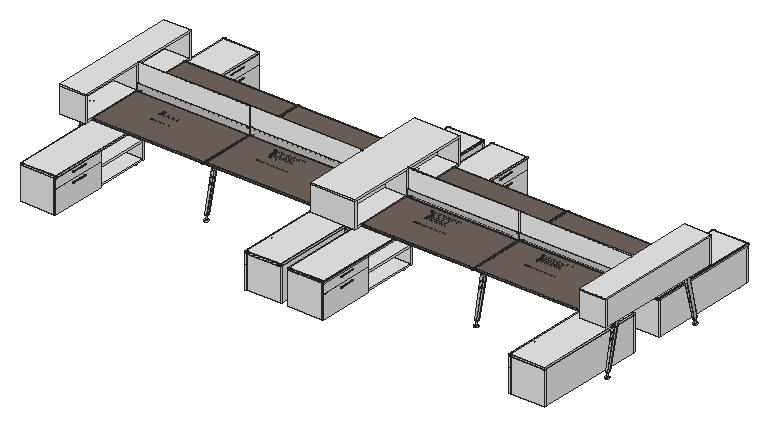
Revit family "T200005", category Furniture, Revit 2015
Parameters (values of type "T200005")
  URL = "https://ofs.com/"
  Manufacturer = "OFS"
  Description = "OFS TYPICAL T200005"
  Copyright © = "©OFS 2021"
  Catalog = "https://ofs.com/2020-experience"
  Authoring Version = "Autodesk Revit Architecture 2015"
  Assembly Code = "E2020400"
Reference planes (in)
  plane 1 "Center Front/Back": y = 0
  plane 2: z = 0
  plane 3 "Center Left/Right": x = 0
Dimensions and locks (in)
  aligned and locked: level to plane 2
Nested families (in)
  nested 1: "OFS ELEMENT OPEN L DESK LEFT AND RIGHT 84in Width 60in Return" at (102, 18.84375, 84), type "ELEMENT OPEN L DESK LEFT RETURN 84in Width 60in Return"
    with Right Desk Ovelay no, Left Desk Overlay no, Desk Overlay Option yes
  nested 2: "OFS_ELEVEN-WORKSPACE_WORKSURFACE_RECTANGULAR" at (-15.67998, 28.83365, 0), type "ELEVEN-WRKSPC_ENW-6030MCT_WORKSURFACE_RECTANGULAR"
  nested 3: "OFS_ELEVEN-WORKSPACE_WORKSURFACE_RECTANGULAR" at (44.32002, 28.83365, 0), type "ELEVEN-WRKSPC_ENW-6030MCT_WORKSURFACE_RECTANGULAR"
  nested 4: "OFS_ELEVEN-WORKSPACE_WORKSURFACE_RECTANGULAR" at (-99.67998, 28.83365, 0), type "ELEVEN-WRKSPC_ENW-6030MCT_WORKSURFACE_RECTANGULAR"
  nested 5: "OFS_ELEVEN-WORKSPACE_WORKSURFACE_RECTANGULAR" at (-99.67998, -3.15154, 0), type "ELEVEN-WRKSPC_ENW-6030MCT_WORKSURFACE_RECTANGULAR"
  nested 6: "OFS_ELEVEN-WORKSPACE_WORKSURFACE_RECTANGULAR" at (-15.67998, -3.15154, 0), type "ELEVEN-WRKSPC_ENW-6030MCT_WORKSURFACE_RECTANGULAR"
  nested 7: "OFS_ELEVEN-WORKSPACE_WORKSURFACE_RECTANGULAR" at (44.32173, -3.15154, 0), type "ELEVEN-WRKSPC_ENW-6030MCT_WORKSURFACE_RECTANGULAR"
  nested 8: "OFS_ELEVEN-WORKSPACE_TOOLRAIL_KITS" at (-55.5, 2.62465, 0), type "ELEVEN-WRKSPC_ENW-A120TKC2_TOOLRAIL_KIT_2-PIECE"
  nested 9: "OFS_ELEVEN-WORKSPACE_PRIVACY_PANELS_FROSTED_ACRYLIC_PVPA" at (-41.8125, -1.62535, 0), type "ELEVEN_WRKSPC_PRIVACY_PANEL_FROSTED-ACR_60 X 13"
  nested 10: "OFS_ELEVEN-WORKSPACE_PRIVACY_PANELS_FROSTED_ACRYLIC_PVPA" at (41.8125, -1.62535, 0), type "ELEVEN_WRKSPC_PRIVACY_PANEL_FROSTED-ACR_60 X 13"
  nested 11: "OFS_ELEVEN-WORKSPACE_PRIVACY_PANELS_FROSTED_ACRYLIC_PVPA" at (102.1875, -1.62535, 0), type "ELEVEN_WRKSPC_PRIVACY_PANEL_FROSTED-ACR_60 X 13"
  nested 12: "STAKS BENCHING WIRE BASKET KIT Single Basket" at (-15.09274, -20.00035, 0), type "STAKS BENCHING WIRE BASKET KIT Single Basquet for 60in Tops"
  nested 13: "STAKS BENCHING WIRE BASKET KIT Single Basket" at (68.90726, -20.00035, 0), type "STAKS BENCHING WIRE BASKET KIT Single Basquet for 60in Tops"
  nested 14: "STAKS BENCHING WIRE BASKET KIT Single Basket" at (127.90726, -20.00035, 0), type "STAKS BENCHING WIRE BASKET KIT Single Basquet for 60in Tops"
  nested 15: "OFS_ELEVEN-WORKSPACE_WORKSURFACE_RECTANGULAR" at (-44.32002, 28.83365, 0) x (-1, 0, 0) z (0, 0, 1), type "ELEVEN-WRKSPC_ENW-6030MCT_WORKSURFACE_RECTANGULAR"
  nested 16: "OFS_ELEVEN-WORKSPACE_WORKSURFACE_RECTANGULAR" at (-44.32002, -3.15154, 0) x (-1, 0, 0) z (0, 0, 1), type "ELEVEN-WRKSPC_ENW-6030MCT_WORKSURFACE_RECTANGULAR"
  nested 17: "OFS_ELEVEN-WORKSPACE_PRIVACY_PANELS_FROSTED_ACRYLIC_PVPA" at (-102.1875, -1.62535, 0) x (-1, 0, 0) z (0, 0, 1), type "ELEVEN_WRKSPC_PRIVACY_PANEL_FROSTED-ACR_60 X 13"
  nested 18: "STAKS BENCHING WIRE BASKET KIT Single Basket" at (-126.90726, -20.00035, 0) x (-1, 0, 0) z (0, 0, 1), type "STAKS BENCHING WIRE BASKET KIT Single Basquet for 60in Tops"
  nested 19: "OFS_ELEVEN-WORKSPACE_BASES_BENCHING_8-PERSON" at (0, 0, 0), type "ELEVEN-WRKSPC_ENW-28870DFEB8_BASE_BENCHING_8-PERSON_END-CNTR-END"
  nested 20: "OFS_ELEVEN-WORKSPACE_FLOOR_STORAGE_B-F_LEFT_OPEN_FSL" at (-129.37465, -38, 0) x (0, 1, 0) z (0, 0, 1), type "ELEVEN-WRKSPC_ENW-6019FSL_FLOOR_STORAGE_B-F_LEFT_OPEN"
  nested 21: "OFS_ELEVEN-WORKSPACE_FLOOR_STORAGE_B-F_LEFT_OPEN_FSL" at (-12.62535, 37.5, 0) x (0, -1, 0) z (0, 0, 1), type "ELEVEN-WRKSPC_ENW-6019FSL_FLOOR_STORAGE_B-F_LEFT_OPEN"
  nested 22: "OFS_ELEVEN-WORKSPACE_FLOOR_STORAGE_B-F_LEFT_OPEN_FSL" at (13.62535, -38, 0) x (0, 1, 0) z (0, 0, 1), type "ELEVEN-WRKSPC_ENW-6019FSL_FLOOR_STORAGE_B-F_LEFT_OPEN"
  nested 23: "OFS_ELEVEN-WORKSPACE_FLOOR_STORAGE_B-F_RIGHT_OPEN_FSR" at (-129.37465, 37.55368, 0) x (0, 1, 0) z (0, 0, 1), type "ELEVEN-WRKSPC_ENW-6019FSR_FLOOR_STORAGE_B-F_RIGHT_OPEN"
  nested 24: "OFS_ELEVEN-WORKSPACE_FLOOR_STORAGE_B-F_RIGHT_OPEN_FSR" at (-12.62535, -38, 0) x (0, -1, 0) z (0, 0, 1), type "ELEVEN-WRKSPC_ENW-6019FSR_FLOOR_STORAGE_B-F_RIGHT_OPEN"
  nested 25: "OFS_ELEVEN-WORKSPACE_FLOOR_STORAGE_B-F_RIGHT_OPEN_FSR" at (128.37465, -38, 0) x (0, -1, 0) z (0, 0, 1), type "ELEVEN-WRKSPC_ENW-6019FSR_FLOOR_STORAGE_B-F_RIGHT_OPEN"
  nested 26: "OFS_ELEVEN-WORKSPACE_STORAGE_BOX_END_TEAMING" at (146.83365, 57.505, 0) x (0, -1, 0) z (0, 0, 1), type "ELEVEN-WRKSPC_ENW-8414PSB_STORAGE_BOX_END_TEAMING"
    with SURFACE WIDTH 70"
  nested 27: "OFS_ELEVEN-WORKSPACE_STORAGE_BOX_END_TEAMING" at (-146.83365, -57.67998, 0) x (0, 1, 0) z (0, 0, 1), type "ELEVEN-WRKSPC_ENW-8414PSB_STORAGE_BOX_END_TEAMING"
    with SURFACE WIDTH 70"
  nested 28: "OFS_ELEVEN-WORKSPACE_STORAGE_BOX_CENTER_BENCHING" at (-6.83365, -57.67998, 0) x (0, 1, 0) z (0, 0, 1), type "ELEVEN-WRKSPC_ENW-7024PSB_STORAGE_BOX_CENTER_BNCHNG"
  nested 29: "OFS_ELEVEN-WORKSPACE_FLOOR_STORAGE_B-F_LEFT_OPEN_FSL" at (13.62535, 38.0296, 0) x (0, -1, 0) z (0, 0, 1), type "ELEVEN-WRKSPC_ENW-6019FSL_FLOOR_STORAGE_B-F_LEFT_OPEN"
  nested 30: "OFS_ELEVEN-WORKSPACE_FLOOR_STORAGE_B-F_RIGHT_OPEN_FSR" at (128.37465, 38, 0) x (0, 1, 0) z (0, 0, 1), type "ELEVEN-WRKSPC_ENW-6019FSR_FLOOR_STORAGE_B-F_RIGHT_OPEN"
  nested 31: "OFS_ELEVEN-WORKSPACE_TOOLRAIL_KITS" at (55.5, 2.62465, 0) x (-1, 0, 0) z (0, 0, 1), type "ELEVEN-WRKSPC_ENW-A120TKC2_TOOLRAIL_KIT_2-PIECE"
Definition of nested family "OFS_ELEVEN-WORKSPACE_WORKSURFACE_RECTANGULAR"
  Parameters (values of type "ELEVEN-WRKSPC_ENW-4824MCT_WORKSURFACE_RECTANGULAR")
    URL = "http://www.firstoffice.com/products/crossover/staks_benching/"
    SURFACE DEPTH = 24"
    Model = ""
    Manufacturer = "OFS-ELEVEN WORKSPACE"
    MODEL NUMBER = "ENW-4824MCT"
    MANUFACTURERS' CODE = "OFS"
    ENVIRONMENTAL = "http://www.firstoffice.com/company/environment/"
    EDGE FINISH = none
    Description = "ELEVEN WORKSPACE RECTANGULAR WORKSURFACE 48X24"
    SURFACE WIDTH = 48"
    CATALOG CODE = "OFB"
    Assembly Code = ""
    SURFACE FIINISH = none
  Types (6): name | SURFACE DEPTH | MODEL NUMBER | Description | SURFACE WIDTH
    ELEVEN-WRKSPC_ENW-4824MCT_WORKSURFACE_RECTANGULAR | 24" | "ENW-4824MCT" | "ELEVEN WORKSPACE RECTANGULAR WORKSURFACE 48X24" | 48"
    ELEVEN-WRKSPC_ENW-6024MCT_WORKSURFACE_RECTANGULAR | 24" | "ENW-6024MCT" | "ELEVEN WORKSPACE RECTANGULAR WORKSURFACE 60X24" | 60"
    ELEVEN-WRKSPC_ENW-7224MCT_WORKSURFACE_RECTANGULAR | 24" | "ENW-7224MCT" | "ELEVEN WORKSPACE RECTANGULAR WORKSURFACE 72X24" | 72"
    ELEVEN-WRKSPC_ENW-4830MCT_WORKSURFACE_RECTANGULAR | 30" | "ENW-4830MCT" | "ELEVEN WORKSPACE RECTANGULAR WORKSURFACE 48X30" | 48"
    ELEVEN-WRKSPC_ENW-6030MCT_WORKSURFACE_RECTANGULAR | 30" | "ENW-6030MCT" | "ELEVEN WORKSPACE RECTANGULAR WORKSURFACE 60X30" | 60"
    ELEVEN-WRKSPC_ENW-7230MCT_WORKSURFACE_RECTANGULAR | 30" | "ENW-7230MCT" | "ELEVEN WORKSPACE RECTANGULAR WORKSURFACE 72X30" | 72"
  Reference planes (in)
    plane 1: z = -0.125
    plane 2 "LEFT": x = 33.67998
    plane 3 "RIGHT": x = 81.67998
    plane 4 "BACK": y = -0.83365
    plane 5 "FRONT": y = -24.83365
    plane 6: x = 33.80498
    plane 7: x = 81.55498
    plane 8: y = -0.95865
    plane 9: y = -24.70865
    plane 10: z = 27.625
    plane 11 "SURFACE TOP": z = 28.625
    plane 12 "Center Left/Right": x = 57.67998
    plane 13 "Center Front/Back": y = -12.77115
  Forms (in)
    Extrusion 1, solid
      sketch origin (27, 0, 17) x (-1, 0, 0) y (0, -1, 0)
        loop
          line (-6.80498, 0.95865) -> (-6.80498, 24.70865) -> (-54.55498, 24.70865) -> (-54.55498, 0.95865) -> (-6.80498, 0.95865)
      from 11.625 to 10.625
    Sweep 2, solid
      path origin (27, 0, 28.625) x (0, 1, 0) y (-1, 0, 0)
        loop
          line (-24.83365, -6.67998) -> (-24.83365, -54.67998) -> (-0.83365, -54.67998) -> (-0.83365, -6.67998) -> (-24.83365, -6.67998)
      profile origin (57.67998, -24.83365, 28.625) x (0, 1, 0) y (0, 0, 1)
        loop
          arc (0.125, 0) -> (0.03661, -0.03661) -> (0, -0.125) r 0.125
          line (0, -0.125) -> (0, -0.875)
          arc (0, -0.875) -> (0.03661, -0.96339) -> (0.125, -1) r 0.125
          line (0.125, -1) -> (0.125, 0)
  Lines and regions (in)
    Masking region 1
      outline origin (0, 0, -0.125) x (1, 0, 0) y (0, 1, 0)
        loop
          line (33.67827, -0.83199) -> (33.67827, -24.83199) -> (81.67827, -24.83199) -> (81.67827, -0.83199) -> (33.67827, -0.83199)
  Dimensions and locks (in)
    "SURFACE DEPTH": plane 4 "BACK" to plane 5 "FRONT"
    "SURFACE WIDTH": plane 2 "LEFT" to plane 3 "RIGHT"
    locked: plane 4 "BACK" to plane 8 at 0.125
    locked: plane 2 "LEFT" to plane 6 at 0.125
    locked: plane 7 to plane 3 "RIGHT" at 0.125
    locked: plane 9 to plane 5 "FRONT" at 0.125
    plane 11 "SURFACE TOP" to plane 10 to level = 1" locked, 27 3/4" locked
    equal spacing: plane 4 "BACK", plane 13 "Center Front/Back", plane 9
    equal spacing: plane 2 "LEFT", plane 12 "Center Left/Right", plane 3 "RIGHT"
    aligned: level to plane 1
    aligned and locked: plane 8 to Extrusion 1 sketch curve
    aligned and locked: Extrusion 1 sketch curve to plane 6
    aligned and locked: Extrusion 1 sketch curve to plane 9
    aligned and locked: plane 7 to Extrusion 1 sketch curve
    aligned and locked: plane 11 "SURFACE TOP" to Extrusion 1
    aligned and locked: Extrusion 1 to plane 10
    aligned and locked: Sweep 2 sketch curve to plane 5 "FRONT"
    aligned and locked: Sweep 2 sketch curve to plane 2 "LEFT"
    aligned and locked: plane 4 "BACK" to Sweep 2 sketch curve
    aligned and locked: plane 3 "RIGHT" to Sweep 2 sketch curve
  Automatic sketch dimensions
    Sweep 2 sketch curve to profile plane = 0"
    Sweep 2 sketch curve to plane 11 "SURFACE TOP" = 0"
    Sweep 2 sketch curve to profile plane = 1/8"
    Sweep 2 sketch curve to Sweep 2 sketch curve = 3/4"
    Masking region 1 sketch curve to plane 2 "LEFT" = 0.00171"
    Masking region 1 sketch curve to plane 3 "RIGHT" = 0.00171"
    plane 5 "FRONT" to Masking region 1 sketch curve = 0.00166"
    plane 4 "BACK" to Masking region 1 sketch curve = 0.00166"
Definition of nested family "OFS_ELEVEN-WORKSPACE_TOOLRAIL_KITS"
  Parameters (values of type "ELEVEN-WRKSPC_ENW-A96TKC2_TOOLRAIL_KIT_2-PIECE")
    URL = "http://www.ofs.com/products/benching/eleven_work_space"
    TOOLRAIL KIT WIDTH = 96"
    Model = ""
    Manufacturer = "OFS-ELEVEN WORKSPACE"
    MODEL NUMBER = "ENW-A96TKC2"
    MANUFACTURERS' CODE = "OFS"
    ENVIRONMENTAL = "http://www.ofs.com/about/environment"
    Description = "ELEVEN WORKSPACE TOOLRAIL KIT 2 PIECE 96 FOR 1/4\" PP"
    CATALOG CODE = "OFB"
    Assembly Code = ""
    2 PIECE = yes
    3 PIECE = no
    4 PIECE = no
  Types (36): name | TOOLRAIL KIT WIDTH | MODEL NUMBER | Description | 2 PIECE | 3 PIECE | 4 PIECE
    ELEVEN-WRKSPC_ENW-A96TKA2_TOOLRAIL_KIT_2-PIECE | 96" | "ENW-A96TKA2" | "ELEVEN WORKSPACE TOOLRAIL KIT 2 PIECE 96 FOR 1/4\" PP" | yes | no | no
    ELEVEN-WRKSPC_ENW-A120TKA2_TOOLRAIL_KIT_2-PIECE | 120" | "ENW-A120TKA2" | "ELEVEN WORKSPACE TOOLRAIL KIT 2 PIECE 120 FOR 1/4\" PP" | yes | no | no
    ELEVEN-WRKSPC_ENW-A144TKA2_TOOLRAIL_KIT_2-PIECE | 144" | "ENW-A144TKA2" | "ELEVEN WORKSPACE TOOLRAIL KIT 2 PIECE 144 FOR 1/4\" PP" | yes | no | no
    ELEVEN-WRKSPC_ENW-A144TKA3_TOOLRAIL_KIT_3-PIECE | 144" | "ENW-A144TKA3" | "ELEVEN WORKSPACE TOOLRAIL KIT 3 PIECE 144 FOR 1/4\" PP" | no | yes | no
    ELEVEN-WRKSPC_ENW-A180TKA3_TOOLRAIL_KIT_3-PIECE | 180" | "ENW-A180TKA3" | "ELEVEN WORKSPACE TOOLRAIL KIT 3 PIECE 180 FOR 1/4\" PP" | no | yes | no
    ELEVEN-WRKSPC_ENW-A216TKA3_TOOLRAIL_KIT_3-PIECE | 216" | "ENW-A216TKA3" | "ELEVEN WORKSPACE TOOLRAIL KIT 3 PIECE 216 FOR 1/4\" PP" | no | yes | no
    ELEVEN-WRKSPC_ENW-A192TKA4_TOOLRAIL_KIT_4-PIECE | 192" | "ENW-A192TKA4" | "ELEVEN WORKSPACE TOOLRAIL KIT 4 PIECE 192 FOR 1/4\" PP" | no | no | yes
    ELEVEN-WRKSPC_ENW-A240TKA4_TOOLRAIL_KIT_4-PIECE | 240" | "ENW-A240TKA4" | "ELEVEN WORKSPACE TOOLRAIL KIT 4 PIECE 240 FOR 1/4\" PP" | no | no | yes
    ELEVEN-WRKSPC_ENW-A288TKA4_TOOLRAIL_KIT_4-PIECE | 288" | "ENW-A288TKA4" | "ELEVEN WORKSPACE TOOLRAIL KIT 4 PIECE 288 FOR 1/4\" PP" | no | no | yes
    ELEVEN-WRKSPC_ENW-A96TKB2_TOOLRAIL_KIT_2-PIECE | 96" | "ENW-A96TKB2" | "ELEVEN WORKSPACE TOOLRAIL KIT 2 PIECE 96 FOR 1\" PP" | yes | no | no
    ELEVEN-WRKSPC_ENW-A120TKB2_TOOLRAIL_KIT_2-PIECE | 120" | "ENW-A120TKB2" | "ELEVEN WORKSPACE TOOLRAIL KIT 2 PIECE 120 FOR 1\" PP" | yes | no | no
    ELEVEN-WRKSPC_ENW-A144TKB2_TOOLRAIL_KIT_2-PIECE | 144" | "ENW-A144TKB2" | "ELEVEN WORKSPACE TOOLRAIL KIT 2 PIECE 144 FOR 1\" PP" | yes | no | no
    ELEVEN-WRKSPC_ENW-A144TKB3_TOOLRAIL_KIT_3-PIECE | 144" | "ENW-A144TKB3" | "ELEVEN WORKSPACE TOOLRAIL KIT 3 PIECE 144 FOR 1\" PP" | no | yes | no
    ELEVEN-WRKSPC_ENW-A180TKB3_TOOLRAIL_KIT_3-PIECE | 180" | "ENW-A180TKB3" | "ELEVEN WORKSPACE TOOLRAIL KIT 3 PIECE 180 FOR 1\" PP" | no | yes | no
    ELEVEN-WRKSPC_ENW-A216TKB3_TOOLRAIL_KIT_3-PIECE | 216" | "ENW-A216TKB3" | "ELEVEN WORKSPACE TOOLRAIL KIT 3 PIECE 216 FOR 1\" PP" | no | yes | no
    ELEVEN-WRKSPC_ENW-A192TKB4_TOOLRAIL_KIT_4-PIECE | 192" | "ENW-A192TKB4" | "ELEVEN WORKSPACE TOOLRAIL KIT 4 PIECE 192 FOR 1\" PP" | no | no | yes
    ELEVEN-WRKSPC_ENW-A240TKB4_TOOLRAIL_KIT_4-PIECE | 240" | "ENW-A240TKB4" | "ELEVEN WORKSPACE TOOLRAIL KIT  PIECE 240 FOR 1\" PP" | no | no | yes
    ELEVEN-WRKSPC_ENW-A288TKB4_TOOLRAIL_KIT_4-PIECE | 288" | "ENW-A288TKB4" | "ELEVEN WORKSPACE TOOLRAIL KIT 4 PIECE 288 FOR 1\" PP" | no | no | yes
    ELEVEN-WRKSPC_ENW-A96TKC2_TOOLRAIL_KIT_2-PIECE | 96" | "ENW-A96TKC2" | "ELEVEN WORKSPACE TOOLRAIL KIT 2 PIECE 96 FOR 1/4\" PP" | yes | no | no
    ELEVEN-WRKSPC_ENW-A120TKC2_TOOLRAIL_KIT_2-PIECE | 120" | "ENW-A120TKC2" | "ELEVEN WORKSPACE TOOLRAIL KIT 2 PIECE 120 FOR 1/4\" PP" | yes | no | no
    ELEVEN-WRKSPC_ENW-A144TKC2_TOOLRAIL_KIT_2-PIECE | 144" | "ENW-A144TKC2" | "ELEVEN WORKSPACE TOOLRAIL KIT 2 PIECE 144 FOR 1/4\" PP" | yes | no | no
    ELEVEN-WRKSPC_ENW-A144TKC3_TOOLRAIL_KIT_3-PIECE | 144" | "ENW-A144TKC3" | "ELEVEN WORKSPACE TOOLRAIL KIT 3 PIECE 144 FOR 1/4\" PP" | no | yes | no
    ELEVEN-WRKSPC_ENW-A180TKC3_TOOLRAIL_KIT_3-PIECE | 180" | "ENW-A180TKC3" | "ELEVEN WORKSPACE TOOLRAIL KIT 3 PIECE 180 FOR 1/4\" PP" | no | yes | no
    ELEVEN-WRKSPC_ENW-A216TKC3_TOOLRAIL_KIT_3-PIECE | 216" | "ENW-A216TKC3" | "ELEVEN WORKSPACE TOOLRAIL KIT 3 PIECE 216 FOR 1/4\" PP" | no | yes | no
    ELEVEN-WRKSPC_ENW-A192TKC4_TOOLRAIL_KIT_4-PIECE | 192" | "ENW-A192TKC4" | "ELEVEN WORKSPACE TOOLRAIL KIT 4 PIECE 192 FOR 1/4\" PP" | no | no | yes
    ELEVEN-WRKSPC_ENW-A240TKC4_TOOLRAIL_KIT_4-PIECE | 240" | "ENW-A240TKC4" | "ELEVEN WORKSPACE TOOLRAIL KIT 4 PIECE 240 FOR 1/4\" PP" | no | no | yes
    ELEVEN-WRKSPC_ENW-A288TKC4_TOOLRAIL_KIT_4-PIECE | 288" | "ENW-A288TKC4" | "ELEVEN WORKSPACE TOOLRAIL KIT 4 PIECE 288 FOR 1/4\" PP" | no | no | yes
    ELEVEN-WRKSPC_ENW-A96TKD2_TOOLRAIL_KIT_2-PIECE | 96" | "ENW-A96TKD2" | "ELEVEN WORKSPACE TOOLRAIL KIT 2 PIECE 96 FOR 1\" PP" | yes | no | no
    ELEVEN-WRKSPC_ENW-A120TKD2_TOOLRAIL_KIT_2-PIECE | 120" | "ENW-A120TKD2" | "ELEVEN WORKSPACE TOOLRAIL KIT 2 PIECE 120 FOR 1\" PP" | yes | no | no
    ELEVEN-WRKSPC_ENW-A144TKD2_TOOLRAIL_KIT_2-PIECE | 144" | "ENW-A144TKD2" | "ELEVEN WORKSPACE TOOLRAIL KIT 2 PIECE 144 FOR 1\" PP" | yes | no | no
    ELEVEN-WRKSPC_ENW-A144TKD3_TOOLRAIL_KIT_3-PIECE | 144" | "ENW-A144TKD3" | "ELEVEN WORKSPACE TOOLRAIL KIT 3 PIECE 144 FOR 1\" PP" | no | yes | no
    ELEVEN-WRKSPC_ENW-A180TKD3_TOOLRAIL_KIT_3-PIECE | 180" | "ENW-A180TKD3" | "ELEVEN WORKSPACE TOOLRAIL KIT 3 PIECE 180 FOR 1\" PP" | no | yes | no
    ELEVEN-WRKSPC_ENW-A216TKD3_TOOLRAIL_KIT_3-PIECE | 216" | "ENW-A216TKD3" | "ELEVEN WORKSPACE TOOLRAIL KIT 3 PIECE 216 FOR 1\" PP" | no | yes | no
    ELEVEN-WRKSPC_ENW-A192TKD4_TOOLRAIL_KIT_4-PIECE | 192" | "ENW-A192TKD4" | "ELEVEN WORKSPACE TOOLRAIL KIT 4 PIECE 192 FOR 1\" PP" | no | no | yes
    ELEVEN-WRKSPC_ENW-A240TKD4_TOOLRAIL_KIT_4-PIECE | 240" | "ENW-A240TKD4" | "ELEVEN WORKSPACE TOOLRAIL KIT 4 PIECE 240 FOR 1\" PP" | no | no | yes
    ELEVEN-WRKSPC_ENW-A288TKD4_TOOLRAIL_KIT_4-PIECE | 288" | "ENW-A288TKD4" | "ELEVEN WORKSPACE TOOLRAIL KIT 4 PIECE 288 FOR 1\" PP" | no | no | yes
  Reference planes (in)
    plane 1: z = 0
    plane 2 "Center (Front/Back)": y = -2.62465
    plane 3 "SURFACE HEIGHT": z = 27.95214
    plane 4 "CENTER": x = -16.5
    plane 5: x = -32.5
    plane 6: x = -40.5
    plane 7 "LEFT": x = -64.5
    plane 8: x = -0.5
    plane 9: x = 7.5
    plane 10 "RIGHT": x = 31.5
    plane 11: x = -64.658
    plane 12: x = 31.658
    plane 13: x = -48.5
    plane 14: x = 15.5
    plane 15: x = -52.5
    plane 16: x = 19.5
    plane 17: x = -4.5
    plane 18: x = -28.5
  Forms (in)
    Extrusion 1, solid, visible <- "2 PIECE"
      sketch origin (-16.5, 0, 0.07714) x (0, 1, 0) y (0, 0, 1)
        loop
          line (-3.11678, 28.20965) -> (-2.13253, 28.20965) -> (-2.13253, 27.97342) -> (-2.4278, 27.97342) -> (-2.4278, 27.875) -> (-2.0741, 27.875)
          arc (-2.0741, 27.875) -> (-2.04582, 27.88672) -> (-2.0341, 27.915) r 0.04
          line (-2.0341, 27.915) -> (-2.0341, 31.77201)
          arc (-2.0341, 31.77201) -> (-2.04582, 31.80029) -> (-2.0741, 31.81201) r 0.04
          line (-2.0741, 31.81201) -> (-2.12606, 31.81201)
          arc (-2.12606, 31.81201) -> (-2.15359, 31.80102) -> (-2.166, 31.7741) r 0.04
          line (-2.166, 31.7741) -> (-2.17234, 31.65306)
          arc (-2.17234, 31.65306) -> (-2.18475, 31.62614) -> (-2.21229, 31.61516) r 0.04
          line (-2.21229, 31.61516) -> (-2.44749, 31.61516)
          arc (-2.44749, 31.61516) -> (-2.47617, 31.57503) -> (-2.49965, 31.53165) r 0.39613
          line (-2.49965, 31.53165) -> (-2.49965, 29.03516) -> (-2.74965, 29.03516) -> (-2.74965, 31.53165)
          arc (-2.74965, 31.53165) -> (-2.77313, 31.57503) -> (-2.80182, 31.61516) r 0.39613
          line (-2.80182, 31.61516) -> (-3.03701, 31.61516)
          arc (-3.03701, 31.61516) -> (-3.06455, 31.62614) -> (-3.07696, 31.65306) r 0.04
          line (-3.07696, 31.65306) -> (-3.0833, 31.7741)
          arc (-3.0833, 31.7741) -> (-3.09571, 31.80102) -> (-3.12325, 31.81201) r 0.04
          line (-3.12325, 31.81201) -> (-3.1752, 31.81201)
          arc (-3.1752, 31.81201) -> (-3.20349, 31.80029) -> (-3.2152, 31.77201) r 0.04
          line (-3.2152, 31.77201) -> (-3.2152, 27.915)
          arc (-3.2152, 27.915) -> (-3.20349, 27.88672) -> (-3.1752, 27.875) r 0.04
          line (-3.1752, 27.875) -> (-2.8215, 27.875) -> (-2.8215, 27.97342) -> (-3.11678, 27.97342) -> (-3.11678, 28.20965)
      from 0 to 48
    Extrusion 2, solid, visible <- "2 PIECE"
      sketch origin (-71.5, 0, 0.07714) x (0, 1, 0) y (0, 0, 1)
        loop
          line (-3.11678, 28.20965) -> (-2.13253, 28.20965) -> (-2.13253, 27.97342) -> (-2.4278, 27.97342) -> (-2.4278, 27.875) -> (-2.0741, 27.875)
          arc (-2.0741, 27.875) -> (-2.04582, 27.88672) -> (-2.0341, 27.915) r 0.04
          line (-2.0341, 27.915) -> (-2.0341, 31.77201)
          arc (-2.0341, 31.77201) -> (-2.04582, 31.80029) -> (-2.0741, 31.81201) r 0.04
          line (-2.0741, 31.81201) -> (-2.12606, 31.81201)
          arc (-2.12606, 31.81201) -> (-2.15359, 31.80102) -> (-2.166, 31.7741) r 0.04
          line (-2.166, 31.7741) -> (-2.17234, 31.65306)
          arc (-2.17234, 31.65306) -> (-2.18475, 31.62614) -> (-2.21229, 31.61516) r 0.04
          line (-2.21229, 31.61516) -> (-2.44749, 31.61516)
          arc (-2.44749, 31.61516) -> (-2.47617, 31.57503) -> (-2.49965, 31.53165) r 0.39613
          line (-2.49965, 31.53165) -> (-2.49965, 29.03516) -> (-2.74965, 29.03516) -> (-2.74965, 31.53165)
          arc (-2.74965, 31.53165) -> (-2.77313, 31.57503) -> (-2.80182, 31.61516) r 0.39613
          line (-2.80182, 31.61516) -> (-3.03701, 31.61516)
          arc (-3.03701, 31.61516) -> (-3.06455, 31.62614) -> (-3.07696, 31.65306) r 0.04
          line (-3.07696, 31.65306) -> (-3.0833, 31.7741)
          arc (-3.0833, 31.7741) -> (-3.09571, 31.80102) -> (-3.12325, 31.81201) r 0.04
          line (-3.12325, 31.81201) -> (-3.1752, 31.81201)
          arc (-3.1752, 31.81201) -> (-3.20349, 31.80029) -> (-3.2152, 31.77201) r 0.04
          line (-3.2152, 31.77201) -> (-3.2152, 27.915)
          arc (-3.2152, 27.915) -> (-3.20349, 27.88672) -> (-3.1752, 27.875) r 0.04
          line (-3.1752, 27.875) -> (-2.8215, 27.875) -> (-2.8215, 27.97342) -> (-3.11678, 27.97342) -> (-3.11678, 28.20965)
      from 7 to 55
    Extrusion 3, solid, visible <- "3 PIECE"
      sketch origin (-71.5, 0, 0.07714) x (0, 1, 0) y (0, 0, 1)
        loop
          line (-3.11678, 28.20965) -> (-2.13253, 28.20965) -> (-2.13253, 27.97342) -> (-2.4278, 27.97342) -> (-2.4278, 27.875) -> (-2.0741, 27.875)
          arc (-2.0741, 27.875) -> (-2.04582, 27.88672) -> (-2.0341, 27.915) r 0.04
          line (-2.0341, 27.915) -> (-2.0341, 31.77201)
          arc (-2.0341, 31.77201) -> (-2.04582, 31.80029) -> (-2.0741, 31.81201) r 0.04
          line (-2.0741, 31.81201) -> (-2.12606, 31.81201)
          arc (-2.12606, 31.81201) -> (-2.15359, 31.80102) -> (-2.166, 31.7741) r 0.04
          line (-2.166, 31.7741) -> (-2.17234, 31.65306)
          arc (-2.17234, 31.65306) -> (-2.18475, 31.62614) -> (-2.21229, 31.61516) r 0.04
          line (-2.21229, 31.61516) -> (-2.44749, 31.61516)
          arc (-2.44749, 31.61516) -> (-2.47617, 31.57503) -> (-2.49965, 31.53165) r 0.39613
          line (-2.49965, 31.53165) -> (-2.49965, 29.03516) -> (-2.74965, 29.03516) -> (-2.74965, 31.53165)
          arc (-2.74965, 31.53165) -> (-2.77313, 31.57503) -> (-2.80182, 31.61516) r 0.39613
          line (-2.80182, 31.61516) -> (-3.03701, 31.61516)
          arc (-3.03701, 31.61516) -> (-3.06455, 31.62614) -> (-3.07696, 31.65306) r 0.04
          line (-3.07696, 31.65306) -> (-3.0833, 31.7741)
          arc (-3.0833, 31.7741) -> (-3.09571, 31.80102) -> (-3.12325, 31.81201) r 0.04
          line (-3.12325, 31.81201) -> (-3.1752, 31.81201)
          arc (-3.1752, 31.81201) -> (-3.20349, 31.80029) -> (-3.2152, 31.77201) r 0.04
          line (-3.2152, 31.77201) -> (-3.2152, 27.915)
          arc (-3.2152, 27.915) -> (-3.20349, 27.88672) -> (-3.1752, 27.875) r 0.04
          line (-3.1752, 27.875) -> (-2.8215, 27.875) -> (-2.8215, 27.97342) -> (-3.11678, 27.97342) -> (-3.11678, 28.20965)
      from 7 to 39
    Extrusion 4, solid, visible <- "4 PIECE"
      sketch origin (-71.5, 0, 0.07714) x (0, 1, 0) y (0, 0, 1)
        loop
          line (-3.11678, 28.20965) -> (-2.13253, 28.20965) -> (-2.13253, 27.97342) -> (-2.4278, 27.97342) -> (-2.4278, 27.875) -> (-2.0741, 27.875)
          arc (-2.0741, 27.875) -> (-2.04582, 27.88672) -> (-2.0341, 27.915) r 0.04
          line (-2.0341, 27.915) -> (-2.0341, 31.77201)
          arc (-2.0341, 31.77201) -> (-2.04582, 31.80029) -> (-2.0741, 31.81201) r 0.04
          line (-2.0741, 31.81201) -> (-2.12606, 31.81201)
          arc (-2.12606, 31.81201) -> (-2.15359, 31.80102) -> (-2.166, 31.7741) r 0.04
          line (-2.166, 31.7741) -> (-2.17234, 31.65306)
          arc (-2.17234, 31.65306) -> (-2.18475, 31.62614) -> (-2.21229, 31.61516) r 0.04
          line (-2.21229, 31.61516) -> (-2.44749, 31.61516)
          arc (-2.44749, 31.61516) -> (-2.47617, 31.57503) -> (-2.49965, 31.53165) r 0.39613
          line (-2.49965, 31.53165) -> (-2.49965, 29.03516) -> (-2.74965, 29.03516) -> (-2.74965, 31.53165)
          arc (-2.74965, 31.53165) -> (-2.77313, 31.57503) -> (-2.80182, 31.61516) r 0.39613
          line (-2.80182, 31.61516) -> (-3.03701, 31.61516)
          arc (-3.03701, 31.61516) -> (-3.06455, 31.62614) -> (-3.07696, 31.65306) r 0.04
          line (-3.07696, 31.65306) -> (-3.0833, 31.7741)
          arc (-3.0833, 31.7741) -> (-3.09571, 31.80102) -> (-3.12325, 31.81201) r 0.04
          line (-3.12325, 31.81201) -> (-3.1752, 31.81201)
          arc (-3.1752, 31.81201) -> (-3.20349, 31.80029) -> (-3.2152, 31.77201) r 0.04
          line (-3.2152, 31.77201) -> (-3.2152, 27.915)
          arc (-3.2152, 27.915) -> (-3.20349, 27.88672) -> (-3.1752, 27.875) r 0.04
          line (-3.1752, 27.875) -> (-2.8215, 27.875) -> (-2.8215, 27.97342) -> (-3.11678, 27.97342) -> (-3.11678, 28.20965)
      from 7 to 31
    Extrusion 5, solid, visible <- "3 PIECE"
      sketch origin (-36.5, 0, 0.07714) x (0, 1, 0) y (0, 0, 1)
        loop
          line (-3.11678, 28.20965) -> (-2.13253, 28.20965) -> (-2.13253, 27.97342) -> (-2.4278, 27.97342) -> (-2.4278, 27.875) -> (-2.0741, 27.875)
          arc (-2.0741, 27.875) -> (-2.04582, 27.88672) -> (-2.0341, 27.915) r 0.04
          line (-2.0341, 27.915) -> (-2.0341, 31.77201)
          arc (-2.0341, 31.77201) -> (-2.04582, 31.80029) -> (-2.0741, 31.81201) r 0.04
          line (-2.0741, 31.81201) -> (-2.12606, 31.81201)
          arc (-2.12606, 31.81201) -> (-2.15359, 31.80102) -> (-2.166, 31.7741) r 0.04
          line (-2.166, 31.7741) -> (-2.17234, 31.65306)
          arc (-2.17234, 31.65306) -> (-2.18475, 31.62614) -> (-2.21229, 31.61516) r 0.04
          line (-2.21229, 31.61516) -> (-2.44749, 31.61516)
          arc (-2.44749, 31.61516) -> (-2.47617, 31.57503) -> (-2.49965, 31.53165) r 0.39613
          line (-2.49965, 31.53165) -> (-2.49965, 29.03516) -> (-2.74965, 29.03516) -> (-2.74965, 31.53165)
          arc (-2.74965, 31.53165) -> (-2.77313, 31.57503) -> (-2.80182, 31.61516) r 0.39613
          line (-2.80182, 31.61516) -> (-3.03701, 31.61516)
          arc (-3.03701, 31.61516) -> (-3.06455, 31.62614) -> (-3.07696, 31.65306) r 0.04
          line (-3.07696, 31.65306) -> (-3.0833, 31.7741)
          arc (-3.0833, 31.7741) -> (-3.09571, 31.80102) -> (-3.12325, 31.81201) r 0.04
          line (-3.12325, 31.81201) -> (-3.1752, 31.81201)
          arc (-3.1752, 31.81201) -> (-3.20349, 31.80029) -> (-3.2152, 31.77201) r 0.04
          line (-3.2152, 31.77201) -> (-3.2152, 27.915)
          arc (-3.2152, 27.915) -> (-3.20349, 27.88672) -> (-3.1752, 27.875) r 0.04
          line (-3.1752, 27.875) -> (-2.8215, 27.875) -> (-2.8215, 27.97342) -> (-3.11678, 27.97342) -> (-3.11678, 28.20965)
      from 4 to 36
    Extrusion 6, solid, visible <- "3 PIECE"
      sketch origin (-3.75417, 0, 0.07714) x (0, 1, 0) y (0, 0, 1)
        loop
          line (-3.11678, 28.20965) -> (-2.13253, 28.20965) -> (-2.13253, 27.97342) -> (-2.4278, 27.97342) -> (-2.4278, 27.875) -> (-2.0741, 27.875)
          arc (-2.0741, 27.875) -> (-2.04582, 27.88672) -> (-2.0341, 27.915) r 0.04
          line (-2.0341, 27.915) -> (-2.0341, 31.77201)
          arc (-2.0341, 31.77201) -> (-2.04582, 31.80029) -> (-2.0741, 31.81201) r 0.04
          line (-2.0741, 31.81201) -> (-2.12606, 31.81201)
          arc (-2.12606, 31.81201) -> (-2.15359, 31.80102) -> (-2.166, 31.7741) r 0.04
          line (-2.166, 31.7741) -> (-2.17234, 31.65306)
          arc (-2.17234, 31.65306) -> (-2.18475, 31.62614) -> (-2.21229, 31.61516) r 0.04
          line (-2.21229, 31.61516) -> (-2.44749, 31.61516)
          arc (-2.44749, 31.61516) -> (-2.47617, 31.57503) -> (-2.49965, 31.53165) r 0.39613
          line (-2.49965, 31.53165) -> (-2.49965, 29.03516) -> (-2.74965, 29.03516) -> (-2.74965, 31.53165)
          arc (-2.74965, 31.53165) -> (-2.77313, 31.57503) -> (-2.80182, 31.61516) r 0.39613
          line (-2.80182, 31.61516) -> (-3.03701, 31.61516)
          arc (-3.03701, 31.61516) -> (-3.06455, 31.62614) -> (-3.07696, 31.65306) r 0.04
          line (-3.07696, 31.65306) -> (-3.0833, 31.7741)
          arc (-3.0833, 31.7741) -> (-3.09571, 31.80102) -> (-3.12325, 31.81201) r 0.04
          line (-3.12325, 31.81201) -> (-3.1752, 31.81201)
          arc (-3.1752, 31.81201) -> (-3.20349, 31.80029) -> (-3.2152, 31.77201) r 0.04
          line (-3.2152, 31.77201) -> (-3.2152, 27.915)
          arc (-3.2152, 27.915) -> (-3.20349, 27.88672) -> (-3.1752, 27.875) r 0.04
          line (-3.1752, 27.875) -> (-2.8215, 27.875) -> (-2.8215, 27.97342) -> (-3.11678, 27.97342) -> (-3.11678, 28.20965)
      from 3.25417 to 35.25417
    Extrusion 7, solid, visible <- "4 PIECE"
      sketch origin (-46.75, 0, 0.07714) x (0, 1, 0) y (0, 0, 1)
        loop
          line (-3.11678, 28.20965) -> (-2.13253, 28.20965) -> (-2.13253, 27.97342) -> (-2.4278, 27.97342) -> (-2.4278, 27.875) -> (-2.0741, 27.875)
          arc (-2.0741, 27.875) -> (-2.04582, 27.88672) -> (-2.0341, 27.915) r 0.04
          line (-2.0341, 27.915) -> (-2.0341, 31.77201)
          arc (-2.0341, 31.77201) -> (-2.04582, 31.80029) -> (-2.0741, 31.81201) r 0.04
          line (-2.0741, 31.81201) -> (-2.12606, 31.81201)
          arc (-2.12606, 31.81201) -> (-2.15359, 31.80102) -> (-2.166, 31.7741) r 0.04
          line (-2.166, 31.7741) -> (-2.17234, 31.65306)
          arc (-2.17234, 31.65306) -> (-2.18475, 31.62614) -> (-2.21229, 31.61516) r 0.04
          line (-2.21229, 31.61516) -> (-2.44749, 31.61516)
          arc (-2.44749, 31.61516) -> (-2.47617, 31.57503) -> (-2.49965, 31.53165) r 0.39613
          line (-2.49965, 31.53165) -> (-2.49965, 29.03516) -> (-2.74965, 29.03516) -> (-2.74965, 31.53165)
          arc (-2.74965, 31.53165) -> (-2.77313, 31.57503) -> (-2.80182, 31.61516) r 0.39613
          line (-2.80182, 31.61516) -> (-3.03701, 31.61516)
          arc (-3.03701, 31.61516) -> (-3.06455, 31.62614) -> (-3.07696, 31.65306) r 0.04
          line (-3.07696, 31.65306) -> (-3.0833, 31.7741)
          arc (-3.0833, 31.7741) -> (-3.09571, 31.80102) -> (-3.12325, 31.81201) r 0.04
          line (-3.12325, 31.81201) -> (-3.1752, 31.81201)
          arc (-3.1752, 31.81201) -> (-3.20349, 31.80029) -> (-3.2152, 31.77201) r 0.04
          line (-3.2152, 31.77201) -> (-3.2152, 27.915)
          arc (-3.2152, 27.915) -> (-3.20349, 27.88672) -> (-3.1752, 27.875) r 0.04
          line (-3.1752, 27.875) -> (-2.8215, 27.875) -> (-2.8215, 27.97342) -> (-3.11678, 27.97342) -> (-3.11678, 28.20965)
      from 6.25 to 30.25
    Extrusion 8, solid, visible <- "4 PIECE"
      sketch origin (-22.5, 0, 0.07714) x (0, 1, 0) y (0, 0, 1)
        loop
          line (-3.11678, 28.20965) -> (-2.13253, 28.20965) -> (-2.13253, 27.97342) -> (-2.4278, 27.97342) -> (-2.4278, 27.875) -> (-2.0741, 27.875)
          arc (-2.0741, 27.875) -> (-2.04582, 27.88672) -> (-2.0341, 27.915) r 0.04
          line (-2.0341, 27.915) -> (-2.0341, 31.77201)
          arc (-2.0341, 31.77201) -> (-2.04582, 31.80029) -> (-2.0741, 31.81201) r 0.04
          line (-2.0741, 31.81201) -> (-2.12606, 31.81201)
          arc (-2.12606, 31.81201) -> (-2.15359, 31.80102) -> (-2.166, 31.7741) r 0.04
          line (-2.166, 31.7741) -> (-2.17234, 31.65306)
          arc (-2.17234, 31.65306) -> (-2.18475, 31.62614) -> (-2.21229, 31.61516) r 0.04
          line (-2.21229, 31.61516) -> (-2.44749, 31.61516)
          arc (-2.44749, 31.61516) -> (-2.47617, 31.57503) -> (-2.49965, 31.53165) r 0.39613
          line (-2.49965, 31.53165) -> (-2.49965, 29.03516) -> (-2.74965, 29.03516) -> (-2.74965, 31.53165)
          arc (-2.74965, 31.53165) -> (-2.77313, 31.57503) -> (-2.80182, 31.61516) r 0.39613
          line (-2.80182, 31.61516) -> (-3.03701, 31.61516)
          arc (-3.03701, 31.61516) -> (-3.06455, 31.62614) -> (-3.07696, 31.65306) r 0.04
          line (-3.07696, 31.65306) -> (-3.0833, 31.7741)
          arc (-3.0833, 31.7741) -> (-3.09571, 31.80102) -> (-3.12325, 31.81201) r 0.04
          line (-3.12325, 31.81201) -> (-3.1752, 31.81201)
          arc (-3.1752, 31.81201) -> (-3.20349, 31.80029) -> (-3.2152, 31.77201) r 0.04
          line (-3.2152, 31.77201) -> (-3.2152, 27.915)
          arc (-3.2152, 27.915) -> (-3.20349, 27.88672) -> (-3.1752, 27.875) r 0.04
          line (-3.1752, 27.875) -> (-2.8215, 27.875) -> (-2.8215, 27.97342) -> (-3.11678, 27.97342) -> (-3.11678, 28.20965)
      from 6 to 30
    Extrusion 9, solid, visible <- "4 PIECE"
      sketch origin (2.25, 0, 0.07714) x (0, 1, 0) y (0, 0, 1)
        loop
          line (-3.11678, 28.20965) -> (-2.13253, 28.20965) -> (-2.13253, 27.97342) -> (-2.4278, 27.97342) -> (-2.4278, 27.875) -> (-2.0741, 27.875)
          arc (-2.0741, 27.875) -> (-2.04582, 27.88672) -> (-2.0341, 27.915) r 0.04
          line (-2.0341, 27.915) -> (-2.0341, 31.77201)
          arc (-2.0341, 31.77201) -> (-2.04582, 31.80029) -> (-2.0741, 31.81201) r 0.04
          line (-2.0741, 31.81201) -> (-2.12606, 31.81201)
          arc (-2.12606, 31.81201) -> (-2.15359, 31.80102) -> (-2.166, 31.7741) r 0.04
          line (-2.166, 31.7741) -> (-2.17234, 31.65306)
          arc (-2.17234, 31.65306) -> (-2.18475, 31.62614) -> (-2.21229, 31.61516) r 0.04
          line (-2.21229, 31.61516) -> (-2.44749, 31.61516)
          arc (-2.44749, 31.61516) -> (-2.47617, 31.57503) -> (-2.49965, 31.53165) r 0.39613
          line (-2.49965, 31.53165) -> (-2.49965, 29.03516) -> (-2.74965, 29.03516) -> (-2.74965, 31.53165)
          arc (-2.74965, 31.53165) -> (-2.77313, 31.57503) -> (-2.80182, 31.61516) r 0.39613
          line (-2.80182, 31.61516) -> (-3.03701, 31.61516)
          arc (-3.03701, 31.61516) -> (-3.06455, 31.62614) -> (-3.07696, 31.65306) r 0.04
          line (-3.07696, 31.65306) -> (-3.0833, 31.7741)
          arc (-3.0833, 31.7741) -> (-3.09571, 31.80102) -> (-3.12325, 31.81201) r 0.04
          line (-3.12325, 31.81201) -> (-3.1752, 31.81201)
          arc (-3.1752, 31.81201) -> (-3.20349, 31.80029) -> (-3.2152, 31.77201) r 0.04
          line (-3.2152, 31.77201) -> (-3.2152, 27.915)
          arc (-3.2152, 27.915) -> (-3.20349, 27.88672) -> (-3.1752, 27.875) r 0.04
          line (-3.1752, 27.875) -> (-2.8215, 27.875) -> (-2.8215, 27.97342) -> (-3.11678, 27.97342) -> (-3.11678, 28.20965)
      from 5.25 to 29.25
  Lines and regions (in)
    Masking region 1, visible <- "2 PIECE"
      outline origin (0, 0, 0) x (1, 0, 0) y (0, 1, 0)
        loop
          line (-64.5, -2.0341) -> (-64.5, -2.12606) -> (-16.5, -2.12606) -> (-16.5, -2.0341) -> (-64.5, -2.0341)
    Masking region 2, visible <- "2 PIECE"
      outline origin (0, 0, 0) x (1, 0, 0) y (0, 1, 0)
        loop
          line (-64.5, -3.2152) -> (-16.5, -3.2152) -> (-16.5, -3.12325) -> (-64.5, -3.12325) -> (-64.5, -3.2152)
    Masking region 3, visible <- "2 PIECE"
      outline origin (52, 0, 0) x (1, 0, 0) y (0, 1, 0)
        loop
          line (-68.5, -2.0341) -> (-68.5, -2.12606) -> (-20.5, -2.12606) -> (-20.5, -2.0341) -> (-68.5, -2.0341)
    Masking region 4, visible <- "2 PIECE"
      outline origin (52, 0, 0) x (1, 0, 0) y (0, 1, 0)
        loop
          line (-68.5, -3.2152) -> (-20.5, -3.2152) -> (-20.5, -3.12325) -> (-68.5, -3.12325) -> (-68.5, -3.2152)
    Masking region 5, visible <- "2 PIECE"
      outline origin (0, 0, 0) x (1, 0, 0) y (0, 1, 0)
        loop
          line (-16.5, -2.12606) -> (-16.5, -3.12325) -> (31.5, -3.12325) -> (31.5, -2.12606) -> (-16.5, -2.12606)
    Masking region 6, visible <- "2 PIECE"
      outline origin (-55, 0, 0) x (1, 0, 0) y (0, 1, 0)
        loop
          line (-9.5, -2.12606) -> (-9.5, -3.12325) -> (38.5, -3.12325) -> (38.5, -2.12606) -> (-9.5, -2.12606)
    Masking region 7, visible <- "3 PIECE"
      outline origin (2, 0, 0) x (1, 0, 0) y (0, 1, 0)
        loop
          line (-66.5, -2.0341) -> (-66.5, -2.12606) -> (-34.5, -2.12606) -> (-34.5, -2.0341) -> (-66.5, -2.0341)
    Masking region 8, visible <- "3 PIECE"
      outline origin (2, 0, 0) x (1, 0, 0) y (0, 1, 0)
        loop
          line (-66.5, -3.2152) -> (-34.5, -3.2152) -> (-34.5, -3.12325) -> (-66.5, -3.12325) -> (-66.5, -3.2152)
    Masking region 9, visible <- "3 PIECE"
      outline origin (-53, 0, 0) x (1, 0, 0) y (0, 1, 0)
        loop
          line (-11.5, -2.12606) -> (-11.5, -3.12325) -> (20.5, -3.12325) -> (20.5, -2.12606) -> (-11.5, -2.12606)
    Masking region 10, visible <- "4 PIECE"
      outline origin (2, 0, 0) x (1, 0, 0) y (0, 1, 0)
        loop
          line (-66.5, -2.0341) -> (-66.5, -2.12606) -> (-42.5, -2.12606) -> (-42.5, -2.0341) -> (-66.5, -2.0341)
    Masking region 11, visible <- "4 PIECE"
      outline origin (2, 0, 0) x (1, 0, 0) y (0, 1, 0)
        loop
          line (-66.5, -3.2152) -> (-42.5, -3.2152) -> (-42.5, -3.12325) -> (-66.5, -3.12325) -> (-66.5, -3.2152)
    Masking region 12, visible <- "4 PIECE"
      outline origin (-53, 0, 0) x (1, 0, 0) y (0, 1, 0)
        loop
          line (-11.5, -2.12606) -> (-11.5, -3.12325) -> (12.5, -3.12325) -> (12.5, -2.12606) -> (-11.5, -2.12606)
    Masking region 13, visible <- "3 PIECE"
      outline origin (37, 0, 0) x (1, 0, 0) y (0, 1, 0)
        loop
          line (-69.5, -2.0341) -> (-69.5, -2.12606) -> (-37.5, -2.12606) -> (-37.5, -2.0341) -> (-69.5, -2.0341)
    Masking region 14, visible <- "3 PIECE"
      outline origin (37, 0, 0) x (1, 0, 0) y (0, 1, 0)
        loop
          line (-69.5, -3.2152) -> (-37.5, -3.2152) -> (-37.5, -3.12325) -> (-69.5, -3.12325) -> (-69.5, -3.2152)
    Masking region 15, visible <- "3 PIECE"
      outline origin (-18, 0, 0) x (1, 0, 0) y (0, 1, 0)
        loop
          line (-14.5, -2.12606) -> (-14.5, -3.12325) -> (17.5, -3.12325) -> (17.5, -2.12606) -> (-14.5, -2.12606)
    Masking region 16, visible <- "3 PIECE"
      outline origin (69.74583, 0, 0) x (1, 0, 0) y (0, 1, 0)
        loop
          line (-70.24583, -2.0341) -> (-70.24583, -2.12606) -> (-38.24583, -2.12606) -> (-38.24583, -2.0341) -> (-70.24583, -2.0341)
    Masking region 17, visible <- "3 PIECE"
      outline origin (69.74583, 0, 0) x (1, 0, 0) y (0, 1, 0)
        loop
          line (-70.24583, -3.2152) -> (-38.24583, -3.2152) -> (-38.24583, -3.12325) -> (-70.24583, -3.12325) -> (-70.24583, -3.2152)
    Masking region 18, visible <- "3 PIECE"
      outline origin (14.74583, 0, 0) x (1, 0, 0) y (0, 1, 0)
        loop
          line (-15.24583, -2.12606) -> (-15.24583, -3.12325) -> (16.75417, -3.12325) -> (16.75417, -2.12606) -> (-15.24583, -2.12606)
    Masking region 19, visible <- "4 PIECE"
      outline origin (26.75, 0, 0) x (1, 0, 0) y (0, 1, 0)
        loop
          line (-67.25, -2.0341) -> (-67.25, -2.12606) -> (-43.25, -2.12606) -> (-43.25, -2.0341) -> (-67.25, -2.0341)
    Masking region 20, visible <- "4 PIECE"
      outline origin (26.75, 0, 0) x (1, 0, 0) y (0, 1, 0)
        loop
          line (-67.25, -3.2152) -> (-43.25, -3.2152) -> (-43.25, -3.12325) -> (-67.25, -3.12325) -> (-67.25, -3.2152)
    Masking region 21, visible <- "4 PIECE"
      outline origin (-28.25, 0, 0) x (1, 0, 0) y (0, 1, 0)
        loop
          line (-12.25, -2.12606) -> (-12.25, -3.12325) -> (11.75, -3.12325) -> (11.75, -2.12606) -> (-12.25, -2.12606)
    Masking region 22, visible <- "4 PIECE"
      outline origin (51, 0, 0) x (1, 0, 0) y (0, 1, 0)
        loop
          line (-67.5, -2.0341) -> (-67.5, -2.12606) -> (-43.5, -2.12606) -> (-43.5, -2.0341) -> (-67.5, -2.0341)
    Masking region 23, visible <- "4 PIECE"
      outline origin (51, 0, 0) x (1, 0, 0) y (0, 1, 0)
        loop
          line (-67.5, -3.2152) -> (-43.5, -3.2152) -> (-43.5, -3.12325) -> (-67.5, -3.12325) -> (-67.5, -3.2152)
    Masking region 24, visible <- "4 PIECE"
      outline origin (-4, 0, 0) x (1, 0, 0) y (0, 1, 0)
        loop
          line (-12.5, -2.12606) -> (-12.5, -3.12325) -> (11.5, -3.12325) -> (11.5, -2.12606) -> (-12.5, -2.12606)
    Masking region 25, visible <- "4 PIECE"
      outline origin (75.75, 0, 0) x (1, 0, 0) y (0, 1, 0)
        loop
          line (-68.25, -2.0341) -> (-68.25, -2.12606) -> (-44.25, -2.12606) -> (-44.25, -2.0341) -> (-68.25, -2.0341)
    Masking region 26, visible <- "4 PIECE"
      outline origin (75.75, 0, 0) x (1, 0, 0) y (0, 1, 0)
        loop
          line (-68.25, -3.2152) -> (-44.25, -3.2152) -> (-44.25, -3.12325) -> (-68.25, -3.12325) -> (-68.25, -3.2152)
    Masking region 27, visible <- "4 PIECE"
      outline origin (20.75, 0, 0) x (1, 0, 0) y (0, 1, 0)
        loop
          line (-13.25, -2.12606) -> (-13.25, -3.12325) -> (10.75, -3.12325) -> (10.75, -2.12606) -> (-13.25, -2.12606)
  Dimensions and locks (in)
    "TOOLRAIL KIT WIDTH": plane 7 "LEFT" to plane 10 "RIGHT"
    locked: plane 11 to plane 7 "LEFT" at 0.158
    locked: plane 10 "RIGHT" to plane 12 at 0.158
    equal spacing: plane 7 "LEFT", plane 13, plane 5, plane 4 "CENTER"
    equal spacing: plane 4 "CENTER", plane 8, plane 14, plane 10 "RIGHT"
    equal spacing: plane 7 "LEFT", plane 15, plane 6, plane 18, plane 4 "CENTER", plane 17, plane 9, plane 16, plane 10 "RIGHT"
    aligned and locked: level to plane 1
    aligned and locked: Extrusion 1 to plane 4 "CENTER"
    aligned and locked: Extrusion 1 to plane 10 "RIGHT"
    aligned and locked: plane 4 "CENTER" to Extrusion 2
    aligned and locked: Extrusion 2 to plane 7 "LEFT"
    aligned and locked: Masking region 5 to plane 4 "CENTER"
    aligned and locked: Masking region 4 to plane 4 "CENTER"
    aligned and locked: Masking region 3 to plane 4 "CENTER"
    aligned and locked: Masking region 3 to plane 10 "RIGHT"
    aligned and locked: Masking region 5 to plane 10 "RIGHT"
    aligned and locked: Masking region 4 to plane 10 "RIGHT"
    aligned and locked: plane 4 "CENTER" to Masking region 6
    aligned and locked: Masking region 6 to plane 7 "LEFT"
    aligned and locked: Extrusion 3 to plane 7 "LEFT"
    aligned and locked: Masking region 7 to plane 7 "LEFT"
    aligned and locked: Masking region 8 to plane 7 "LEFT"
    aligned and locked: plane 5 to Masking region 9
    aligned and locked: plane 5 to Masking region 8
    aligned and locked: plane 5 to Masking region 7
    aligned and locked: plane 5 to Extrusion 3
    aligned and locked: Extrusion 5 to plane 5
    aligned and locked: Masking region 15 to plane 5
    aligned and locked: Masking region 14 to plane 5
    aligned and locked: Masking region 13 to plane 5
    aligned and locked: Extrusion 5 to plane 8
    aligned and locked: Masking region 14 to plane 8
    aligned and locked: Masking region 15 to plane 8
    aligned and locked: Masking region 13 to plane 8
    aligned and locked: plane 8 to Extrusion 6
    aligned and locked: plane 8 to Masking region 18
    aligned and locked: plane 8 to Masking region 17
    aligned and locked: plane 8 to Masking region 16
    aligned and locked: Extrusion 6 to plane 10 "RIGHT"
    aligned and locked: Masking region 17 to plane 10 "RIGHT"
    aligned and locked: Masking region 18 to plane 10 "RIGHT"
    aligned and locked: Masking region 16 to plane 10 "RIGHT"
    aligned and locked: Extrusion 4 to plane 7 "LEFT"
    aligned and locked: Masking region 12 to plane 7 "LEFT"
    aligned and locked: Masking region 11 to plane 7 "LEFT"
    aligned and locked: Masking region 10 to plane 7 "LEFT"
    aligned and locked: plane 6 to Extrusion 4
    aligned and locked: plane 6 to Masking region 12
    aligned and locked: plane 6 to Masking region 11
    aligned and locked: plane 6 to Masking region 10
    aligned and locked: Extrusion 7 to plane 6
    aligned and locked: Masking region 21 to plane 6
    aligned and locked: Masking region 20 to plane 6
    aligned and locked: Masking region 19 to plane 6
    aligned and locked: plane 4 "CENTER" to Extrusion 7
    aligned and locked: plane 4 "CENTER" to Masking region 21
    aligned and locked: plane 4 "CENTER" to Masking region 20
    aligned and locked: plane 4 "CENTER" to Masking region 19
    aligned and locked: Extrusion 8 to plane 4 "CENTER"
    aligned and locked: Masking region 24 to plane 4 "CENTER"
    aligned and locked: Masking region 23 to plane 4 "CENTER"
    aligned and locked: Masking region 22 to plane 4 "CENTER"
    aligned and locked: plane 9 to Extrusion 9
    aligned and locked: Extrusion 8 to plane 9
    aligned and locked: plane 9 to Masking region 27
    aligned and locked: Masking region 24 to plane 9
    aligned and locked: plane 9 to Masking region 26
    aligned and locked: Masking region 23 to plane 9
    aligned and locked: plane 9 to Masking region 25
    aligned and locked: Masking region 22 to plane 9
    aligned and locked: Extrusion 9 to plane 10 "RIGHT"
    aligned and locked: Masking region 27 to plane 10 "RIGHT"
    aligned and locked: Masking region 26 to plane 10 "RIGHT"
    aligned and locked: Masking region 25 to plane 10 "RIGHT"
  Automatic sketch dimensions
    plane 3 "SURFACE HEIGHT" to Extrusion 1 sketch curve = 0"  (x2)
    Extrusion 1 sketch curve to plane 3 "SURFACE HEIGHT" = 0.04"
    plane 2 "Center (Front/Back)" to Extrusion 1 sketch curve = 0.59055"
    Extrusion 1 sketch curve to Extrusion 1 sketch curve = 0.04"  (x2)
    Extrusion 1 sketch curve to Extrusion 1 sketch curve = 0.05196"  (x2)
    Extrusion 1 sketch curve to Extrusion 1 sketch curve = 0.05843"  (x2)
    Extrusion 1 sketch curve to Extrusion 1 sketch curve = 0.01416"
    Extrusion 1 sketch curve to Extrusion 1 sketch curve = 0.03995"  (x4)
    Extrusion 1 sketch curve to Extrusion 1 sketch curve = 0.00634"  (x2)
    Extrusion 1 sketch curve to plane 3 "SURFACE HEIGHT" = 0.09842"  (x2)
    plane 2 "Center (Front/Back)" to Extrusion 1 sketch curve = 0.19685"
    plane 2 "Center (Front/Back)" to Extrusion 1 sketch curve = 0.17717"
    plane 2 "Center (Front/Back)" to Extrusion 1 sketch curve = 1/8"
    Extrusion 1 sketch curve to plane 2 "Center (Front/Back)" = 1/8"
    Extrusion 1 sketch curve to Extrusion 1 sketch curve = 0.05217"
    Extrusion 1 sketch curve to plane 2 "Center (Front/Back)" = 0.19685"
    Extrusion 1 sketch curve to Extrusion 1 sketch curve = 0.2352"
    Extrusion 1 sketch curve to Extrusion 1 sketch curve = 0.07208"
    Extrusion 1 sketch curve to Extrusion 1 sketch curve = 0.29528"
    Extrusion 1 sketch curve to Extrusion 1 sketch curve = 0.23622"
    Extrusion 1 sketch curve to Extrusion 1 sketch curve = 0.82551"
    Extrusion 1 sketch curve to Extrusion 1 sketch curve = 2.33"
    Extrusion 1 sketch curve to Extrusion 1 sketch curve = 0"  (x4)
    Extrusion 1 sketch curve to Extrusion 1 sketch curve = 0.1665"
    Extrusion 1 sketch curve to Extrusion 1 sketch curve = 0.03791"  (x2)
    Extrusion 1 sketch curve to Extrusion 1 sketch curve = 0.11894"  (x2)
    plane 3 "SURFACE HEIGHT" to Extrusion 2 sketch curve = 0"  (x2)
    Extrusion 2 sketch curve to plane 3 "SURFACE HEIGHT" = 0.04"
    plane 2 "Center (Front/Back)" to Extrusion 2 sketch curve = 0.59055"
    Extrusion 2 sketch curve to Extrusion 2 sketch curve = 0.04"  (x2)
    Extrusion 2 sketch curve to Extrusion 2 sketch curve = 0.05196"  (x2)
    Extrusion 2 sketch curve to Extrusion 2 sketch curve = 0.05843"  (x2)
    Extrusion 2 sketch curve to Extrusion 2 sketch curve = 0.01416"
    Extrusion 2 sketch curve to Extrusion 2 sketch curve = 0.03995"  (x4)
    Extrusion 2 sketch curve to Extrusion 2 sketch curve = 0.00634"  (x2)
    Extrusion 2 sketch curve to plane 3 "SURFACE HEIGHT" = 0.09842"  (x2)
    plane 2 "Center (Front/Back)" to Extrusion 2 sketch curve = 0.19685"
    plane 2 "Center (Front/Back)" to Extrusion 2 sketch curve = 0.17717"
    plane 2 "Center (Front/Back)" to Extrusion 2 sketch curve = 1/8"
    Extrusion 2 sketch curve to plane 2 "Center (Front/Back)" = 1/8"
    Extrusion 2 sketch curve to Extrusion 2 sketch curve = 0.05217"
    Extrusion 2 sketch curve to plane 2 "Center (Front/Back)" = 0.19685"
    Extrusion 2 sketch curve to Extrusion 2 sketch curve = 0.2352"
    Extrusion 2 sketch curve to Extrusion 2 sketch curve = 0.07208"
    Extrusion 2 sketch curve to Extrusion 2 sketch curve = 0.29528"
    Extrusion 2 sketch curve to Extrusion 2 sketch curve = 0.23622"
    Extrusion 2 sketch curve to Extrusion 2 sketch curve = 0.82551"
    Extrusion 2 sketch curve to Extrusion 2 sketch curve = 2.33"
    Extrusion 2 sketch curve to Extrusion 2 sketch curve = 0"  (x4)
    Extrusion 2 sketch curve to Extrusion 2 sketch curve = 0.1665"
    Extrusion 2 sketch curve to Extrusion 2 sketch curve = 0.03791"  (x2)
    Extrusion 2 sketch curve to Extrusion 2 sketch curve = 0.11894"  (x2)
    plane 3 "SURFACE HEIGHT" to Extrusion 3 sketch curve = 0"  (x2)
    Extrusion 3 sketch curve to plane 3 "SURFACE HEIGHT" = 0.04"
    plane 2 "Center (Front/Back)" to Extrusion 3 sketch curve = 0.59055"
    Extrusion 3 sketch curve to Extrusion 3 sketch curve = 0.04"  (x2)
    Extrusion 3 sketch curve to Extrusion 3 sketch curve = 0.05196"  (x2)
    Extrusion 3 sketch curve to Extrusion 3 sketch curve = 0.05843"  (x2)
    Extrusion 3 sketch curve to Extrusion 3 sketch curve = 0.01416"
    Extrusion 3 sketch curve to Extrusion 3 sketch curve = 0.03995"  (x4)
    Extrusion 3 sketch curve to Extrusion 3 sketch curve = 0.00634"  (x2)
    Extrusion 3 sketch curve to plane 3 "SURFACE HEIGHT" = 0.09842"  (x2)
    plane 2 "Center (Front/Back)" to Extrusion 3 sketch curve = 0.19685"
    plane 2 "Center (Front/Back)" to Extrusion 3 sketch curve = 0.17717"
    plane 2 "Center (Front/Back)" to Extrusion 3 sketch curve = 1/8"
    Extrusion 3 sketch curve to plane 2 "Center (Front/Back)" = 1/8"
    Extrusion 3 sketch curve to Extrusion 3 sketch curve = 0.05217"
    Extrusion 3 sketch curve to plane 2 "Center (Front/Back)" = 0.19685"
    Extrusion 3 sketch curve to Extrusion 3 sketch curve = 0.2352"
    Extrusion 3 sketch curve to Extrusion 3 sketch curve = 0.07208"
    Extrusion 3 sketch curve to Extrusion 3 sketch curve = 0.29528"
    Extrusion 3 sketch curve to Extrusion 3 sketch curve = 0.23622"
    Extrusion 3 sketch curve to Extrusion 3 sketch curve = 0.82551"
    Extrusion 3 sketch curve to Extrusion 3 sketch curve = 2.33"
    Extrusion 3 sketch curve to Extrusion 3 sketch curve = 0"  (x4)
    Extrusion 3 sketch curve to Extrusion 3 sketch curve = 0.1665"
    Extrusion 3 sketch curve to Extrusion 3 sketch curve = 0.03791"  (x2)
    Extrusion 3 sketch curve to Extrusion 3 sketch curve = 0.11894"  (x2)
    plane 3 "SURFACE HEIGHT" to Extrusion 4 sketch curve = 0"  (x2)
    Extrusion 4 sketch curve to plane 3 "SURFACE HEIGHT" = 0.04"
    plane 2 "Center (Front/Back)" to Extrusion 4 sketch curve = 0.59055"
    Extrusion 4 sketch curve to Extrusion 4 sketch curve = 0.04"  (x2)
    Extrusion 4 sketch curve to Extrusion 4 sketch curve = 0.05196"  (x2)
    Extrusion 4 sketch curve to Extrusion 4 sketch curve = 0.05843"  (x2)
    Extrusion 4 sketch curve to Extrusion 4 sketch curve = 0.01416"
    Extrusion 4 sketch curve to Extrusion 4 sketch curve = 0.03995"  (x4)
    Extrusion 4 sketch curve to Extrusion 4 sketch curve = 0.00634"  (x2)
    Extrusion 4 sketch curve to plane 3 "SURFACE HEIGHT" = 0.09842"  (x2)
    plane 2 "Center (Front/Back)" to Extrusion 4 sketch curve = 0.19685"
    plane 2 "Center (Front/Back)" to Extrusion 4 sketch curve = 0.17717"
    plane 2 "Center (Front/Back)" to Extrusion 4 sketch curve = 1/8"
    Extrusion 4 sketch curve to plane 2 "Center (Front/Back)" = 1/8"
    Extrusion 4 sketch curve to Extrusion 4 sketch curve = 0.05217"
    Extrusion 4 sketch curve to plane 2 "Center (Front/Back)" = 0.19685"
    Extrusion 4 sketch curve to Extrusion 4 sketch curve = 0.2352"
    Extrusion 4 sketch curve to Extrusion 4 sketch curve = 0.07208"
    Extrusion 4 sketch curve to Extrusion 4 sketch curve = 0.29528"
    Extrusion 4 sketch curve to Extrusion 4 sketch curve = 0.23622"
    Extrusion 4 sketch curve to Extrusion 4 sketch curve = 0.82551"
    Extrusion 4 sketch curve to Extrusion 4 sketch curve = 2.33"
    Extrusion 4 sketch curve to Extrusion 4 sketch curve = 0"  (x4)
    Extrusion 4 sketch curve to Extrusion 4 sketch curve = 0.1665"
    Extrusion 4 sketch curve to Extrusion 4 sketch curve = 0.03791"  (x2)
    Extrusion 4 sketch curve to Extrusion 4 sketch curve = 0.11894"  (x2)
    Masking region 1 sketch curve to plane 7 "LEFT" = 0"
    Masking region 1 sketch curve to plane 4 "CENTER" = 0"
    Masking region 1 sketch curve to plane 2 "Center (Front/Back)" = 0.4986"
    Masking region 1 sketch curve to Masking region 1 sketch curve = 0.09196"
    Masking region 2 sketch curve to plane 7 "LEFT" = 0"
    Masking region 2 sketch curve to plane 4 "CENTER" = 0"
    plane 2 "Center (Front/Back)" to Masking region 2 sketch curve = 0.59055"
